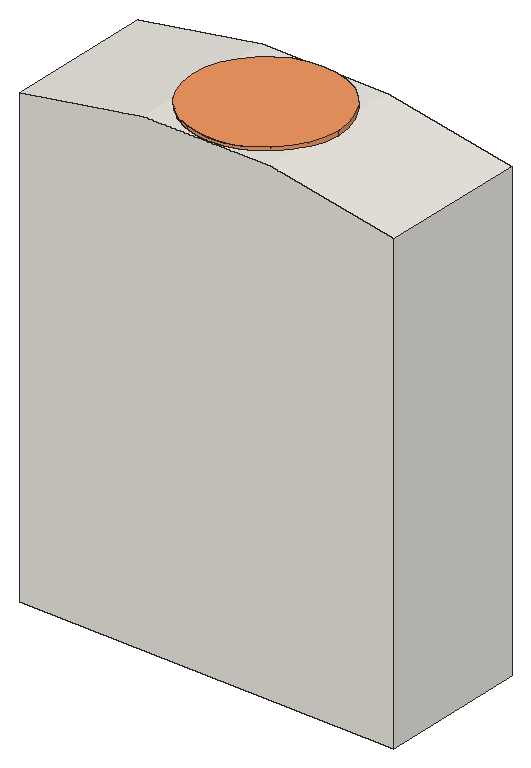
Revit family "Oberteil V20", category Generic Models, Revit 2015
Parameters (values of type "V20-0-550")
  Width = 45 mm
  URL = "http://www.obo-bettermann.com"
  Material 2 = PA 66/6 FR HF RAL 2003
  Material = PA 66/6 FR HF RAL 9010
  Manufacturer Art.No. = "5095372"
  Manufacturer = "OBO Bettermann"
  Length = 17.8 mm
  Height = 58 mm
  GTIN = "4012196163625"
  Article Type = "V20-0-550"
Types (8, lengths in mm): name | Manufacturer Art.No. | GTIN | Article Type
  (no name) | "5095372" | "4012196163625" | "V20-0-550"
  V20-0-75 | "5095360" | "4012196163533" | "V20-0-75"
  V20-0-150 | "5095362" | "4012196163540" | "V20-0-150"
  V20-0-280 | "5095364" | "4012196163557" | "V20-0-280"
  V20-0-320 | "5095366" | "4012196163595" | "V20-0-320"
  V20-0-385 | "5095368" | "4012196163601" | "V20-0-385"
  V20-0-440 | "5095370" | "4012196163618" | "V20-0-440"
  V20-0-550 | "5095372" | "4012196163625" | "V20-0-550"
Reference planes
  plane 1 "Center (Front/Back)": y = 0
  plane 2: z = 0
  plane 3 "Center (Left/Right)": x = 0
  plane 4: y = 17.8
  plane 5: z = 58
  plane 6: z = 57
Forms (mm)
  Extrusion 1, solid, material "PA 66/6 FR HF RAL 9010" <- "Material"
    sketch origin (0, 0, 0) x (1, 0, 0) y (0, 0, 1)
      loop
        line (-22.5, 0) -> (22.5, 0) -> (22.5, 55)
        arc (22.5, 55) -> (0, 58.012) -> (-22.5, 55) r 85.541
        line (-22.5, 55) -> (-22.5, 0)
    from -17.8 to 0
  Extrusion 2, solid, material "PA 66/6 FR HF RAL 2003" <- "Material 2"
    sketch origin (0, 0, 0) x (1, 0, 0) y (0, 1, 0)
      loop
        circle (0, 8.9) r 8.75
    from 57 to 58
Dimensions and locks
  "Length": plane 1 "Center (Front/Back)" to plane 4
  locked: Extrusion 1 to Extrusion 2 sketch curve at 8.9
  "Height": plane 5 to level
  locked: plane 5 to plane 6 at 1
  locked: Extrusion 1 sketch curve to Extrusion 1 sketch curve at 55  (x2)
  "Width": Extrusion 1 sketch curve to Extrusion 1 sketch curve
  equal spacing: Extrusion 1 sketch curve, plane 3 "Center (Left/Right)", Extrusion 1 sketch curve, locked at 22.5 each
  radius of Extrusion 2 sketch curve = 8.75 mm
  aligned and locked: level to plane 2
  aligned and locked: plane 1 "Center (Front/Back)" to Extrusion 1
  aligned and locked: plane 5 to Extrusion 2
  aligned and locked: Extrusion 2 to plane 6
  aligned and locked: Extrusion 1 sketch curve to level
Automatic sketch dimensions
  Extrusion 2 sketch curve to plane 3 "Center (Left/Right)" = 0 mm
  Extrusion 1 sketch curve to level = 27.529 mm
